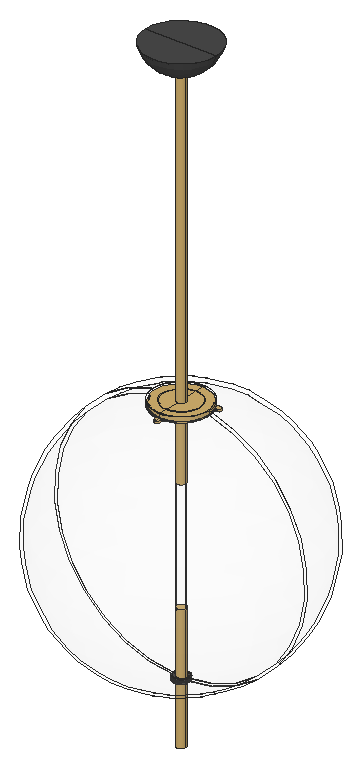
Revit family "CONV_Pholc_GnrlPrpseLmnrs_Kadinsky45", category Lighting Fixtures, host Ceiling, Revit 2017
Family settings
  Host = Ceiling
  Round Connector Dimension = Use Diameter
  Part Type = Normal
  OmniClass Number = 23.80.70.11
  OmniClass Title = Luminaries for Internal Lighting
  Always vertical = Yes
  Cut with Voids When Loaded = No
  Light Source = Yes
  Shared = No
  Room Calculation Point = No
Parameters (values of type "Kandinsky 45 smoked grey")
  Wattage = 3.36605 W
  WarrantyStartDate [instance] = "n/a"
  WarrantyGuarantorParts = "n/a"
  WarrantyGuarantorLabor = "n/a"
  WarrantyDurationUnit = "Year"
  WarrantyDurationParts = "n/a"
  WarrantyDurationLabor = "n/a"
  WarrantyDescription = "n/a"
  built-in parameter 1150110 = 1 (stored number, unit not read)
  VersionDate = "14/05/2019"  # constant formula
  Version = "1"  # constant formula
  UsageCurrent = 0 A
  Uniclass2015Reference = "Pr_70_70_48_86"
  Uniclass2015Description = "Suspended luminaires"
  Uniclass2 = "Pr_70_70_49_86"
  URL = "https://www.pholc.se/our-products/kandinsky-45/"
  TotalWattage = 6 W
  built-in parameter 1114217 = 1 (stored number, unit not read)
  built-in parameter 1150109 = 1 (stored number, unit not read)
  built-in parameter 1150134 = (empty or 0)
  TagNumber [instance] = "n/a"
  SustainabilityPerformance = "n/a"
  built-in parameter 1150113 = 1 (stored number, unit not read)
  Size = "450x450x1080 mm"
  Shape = "Sculptured"
  SerialNumber [instance] = "n/a"
  Revision = "n/a"
  ReplacementCost = "n/a"
  ProductInformation = "It functions well as a lamp or object to set the mood of a room, hanging in numbers in a large space or as a single piece over a table."
  ProductDatasheet = "https://www.pholc.se/files/pdf/kandinsky-45.pdf"
  PhaseReference = "n/a"
  PhaseAngle = 0.00°
  NumberOfSources = 0
  NumberOfPoles = 1
  NominalWidth = 450 mm
  NominalVoltageCalc = 0 V
  NominalVoltage = 0 V
  NominalRadius = NominalWidth / 2  # 225 mm
  NominalHeight [instance] = CableControl + 1070 mm  # 1120 mm
  NominalFrequencyRange = 0 Hz
  NominalDiameter = NominalWidth  # 450 mm
  NominalDepth = 450 mm
  NominalCurrent = 0 A
  Name = "GnrlPrpseLmnrs_Kadinsky45"
  NBSReference = "90-60-50/405"
  NBSDescription = "General purpose luminaires"
  ModelReference = ArticleNumber  # "518119"
  ModelNumber = "n/a"
  Model = "Kandinsky 45 smoked grey"
  Material = "Brass, glass & textile"
  ManufacturersSpecificInformation = "n/a"
  ManufacturerURL = "https://www.pholc.se/"
  ManufacturerName = "Pholc"
  Manufacturer = "Pholc"
  MaintenanceFactor = 0
  Lumens = 500 lm
  built-in parameter 1150115 = 1 (stored number, unit not read)
  built-in parameter 1150105 = 39.789 (stored number, unit not read)
  LightSource = "Exchangeble lightsource – LED, W: 6 LM: 500 K:2700 CRI: 80 dimmable"
  LightFixtureSecondaryMaterial = Black
  LightFixturePlacingType = "Ceiling"
  LightFixtureMountingType = "Suspended"
  LightFixtureMainMaterial = Brass
  Light Source Symbol Size = 609.6 mm
  built-in parameter 1150137 = (empty or 0)
  built-in parameter 1150139 = (empty or 0)
  LensMaterial = Glass smoked grey
  built-in parameter 1150112 = 1 (stored number, unit not read)
  built-in parameter 1150114 = 1 (stored number, unit not read)
  InsulationStandardClass = "Class II"
  InstallationDate [instance] = "n/a"
  built-in parameter 1150132 = 2
  built-in parameter 1150102 = (empty or 0)
  built-in parameter 1150138 = (empty or 0)
  built-in parameter 1150107 = 2700 (stored number, unit not read)
  built-in parameter 1150106 = 0.39789 (stored number, unit not read)
  IfcExportType = "NOTDEFINED"  # constant formula
  IfcExportAs = "IfcLightFixtureType"  # constant formula
  IP_Code = "IP 20"
  HasProtectiveEarth = no
  Grade = "n/a"
  Finish = "n/a"
  Features = "Suspension mounting. Textile cable: black. Ceiling cup: black"
  ExpectedLife = "n/a"
  ElectricalDeviceNominalPower = 0
  built-in parameter 1150104 = 13.8 (stored number, unit not read)
  DurationUnit = "Year"
  Dimming Lamp Color Temperature Shift = <None>
  Designer = "Broberg & Ridderstrale"
  Description = "This pendant lamp is inspired by the abstract circle paintings by Wassily Kandinsky during his years at the renowned Bauhaus school  in the 1920´s. A sphere and a spear act as the main characters in the lamps composition, piercing each other in mid air to create an object that evokes a sensation of weightlessness, fragility and precision.\r\nThe custom made light source is shaped and fitted seamlessly as a part of the brass spear and emits a glowing dimmable light from within the centre in the smoke colored glass.\r\nThe Kandinsky lamp comes in two sizes with a 300 or 450mm wide glass bubble. It functions well as a lamp or object to set the mood of a room, hanging in numbers in a big space or as a single piece over a table."
  DefaultElevation = 0 mm
  ConvergoRefNr = "0103-1905-0002-SE"
  Constituents = "n/a"
  Color Filter = 16777215
  Color = "Various"
  Collection = "Kandinsky"
  CodePerformance = "n/a"
  Category = "Pendant"
  CableLength [instance] = 50 mm
  CableControl [instance] = if(CableLength < 50 mm, 50 mm, if(CableLength > 3000 mm, 3000 mm, CableLength))  # 50 mm
  Brand = "Pholc"
  Barcode [instance] = "n/a"
  built-in parameter 1114218 = 1 (stored number, unit not read)
  BIMObjectName = "CONV_Pholc_GnrlPrpseLmnrs_Kadinsky45"
  Author = "Convergo AB"  # constant formula
  built-in parameter 1150133 = 10 (stored number, unit not read)
  AssetType = "Fixed"
  AssetIdentifier [instance] = "n/a"
  ArticleNumber = "518119"
  AccessibilityPerformance = "n/a"
Types (2, lengths in mm): name | ModelReference | Model | LensMaterial | ArticleNumber
  Kandinsky 45 smoked grey | "518119" | "Kandinsky 45 smoked grey" | Glass smoked grey | "518119"
  Kandinsky 45 smoked brown | "518112" | "Kandinsky 45 smoked brown" | Glass smoked brown | "518112"
Reference planes
  plane 1 "Light Source Axis (F/B)": y = 0
  plane 2: z = 0
  plane 3 "Light Source Axis (L/R)": x = 0
  plane 4 "Ceiling": z = 4000
  plane 5 "Light Source Elevation": z = 3200
  plane 6: z = 3950
  plane 7: z = 2880
  plane 8: x = -225
  plane 9: x = 225
  plane 10: y = -225
  plane 11: y = 225
Forms (mm)
  Revolve 1, solid, material "Black" <- "LightFixtureSecondaryMaterial", detail levels medium+fine
    sketch origin (0, 0, 0) x (1, 0, 0) y (0, 0, 1)
      loop
        line (0, 4000) -> (0, 3953.153)
        arc (0, 3953.153) -> (39.019, 3966.168) -> (62.414, 4000) r 65
        line (62.414, 4000) -> (0, 4000)
      axis (0, 4000) -> (0, 3953.153)
    angle from 0 to 360
  Extrusion 2, solid, material "Brass" <- "LightFixtureMainMaterial", detail levels coarse
    sketch origin (0, 0, 3200) x (-1, 0, 0) y (0, -1, 0)
      loop
        line (225, -225) -> (225, 225) -> (-225, 225) -> (-225, -225) -> (225, -225)
    from -320 to 800
  Revolve 3, solid, material "Black" <- "LightFixtureSecondaryMaterial", detail levels medium+fine
    sketch origin (0, 0, 0) x (1, 0, 0) y (0, 0, 1)
      loop
        line (0, 3950) -> (3, 3950) -> (3, 4000) -> (0, 4000) -> (0, 3950)
      axis (0, 4000) -> (0, 3950)
    angle from 0 to 360
Cuts and joins
  joined: Revolve 1, Revolve 3
Lines and regions (mm)
  symbolic lines, detail levels medium+fine
    curve 1: arc (62.414, 0, 4000) -> (40.209, 0, 3967.082) -> (3, 0, 3953.223) r 65
    curve 2: line (3, 0, 3950) -> (3, 0, 3953.223)
    curve 3: line (-3, 0, 3950) -> (-3, 0, 3953.223)
    curve 5: arc (-3, 0, 3953.223) -> (-40.209, 0, 3967.082) -> (-62.414, 0, 4000) r 65
    curve 6: line (62.414, 0, 4000) -> (-62.414, 0, 4000)
    curve 7: line (0, 62.414, 4000) -> (0, -62.414, 4000)
    curve 8: arc (0, 62.414, 4000) -> (0, 40.209, 3967.082) -> (0, 3, 3953.223) r 65
    curve 9: line (0, 3, 3953.223) -> (0, 3, 3950)
    curve 10: line (0, -3, 3953.223) -> (0, -3, 3950)
    curve 12: arc (0, -3, 3953.223) -> (0, -40.209, 3967.082) -> (0, -62.414, 4000) r 65
  symbolic lines, detail levels fine
    curve 4: arc (3, 0, 3953.223) -> (0, 0, 3953.153) -> (-3, 0, 3953.223) r 65
    curve 11: arc (0, 3, 3953.223) -> (0, 0, 3953.153) -> (0, -3, 3953.223) r 65
Dimensions and locks
  equal spacing: host sketch curve, plane 3 "Light Source Axis (L/R)", host sketch curve
  equal spacing: host sketch curve, plane 1 "Light Source Axis (F/B)", host sketch curve
  host sketch curve to host sketch curve = 4000 mm  (x2)
  locked: plane 4 "Ceiling" to host ceiling at 0
  "NominalHeight": plane 7 to plane 4 "Ceiling"
  equal spacing: plane 8, plane 3 "Light Source Axis (L/R)", plane 9
  "NominalWidth": plane 8 to plane 9
  equal spacing: plane 10, plane 1 "Light Source Axis (F/B)", plane 11
  "NominalDepth": plane 10 to plane 11
  locked: plane 7 to plane 5 "Light Source Elevation" at 320
  "CableControl": plane 6 to plane 4 "Ceiling"
  aligned and locked: plane 3 "Light Source Axis (L/R)" to imposter light
  aligned and locked: plane 1 "Light Source Axis (F/B)" to imposter light
  aligned and locked: plane 5 "Light Source Elevation" to imposter light
  aligned and locked: plane 6 to curve 2
  aligned and locked: plane 6 to curve 3
  aligned and locked: plane 6 to curve 10
  aligned and locked: plane 6 to curve 9
  aligned and locked: Extrusion 2 to plane 4 "Ceiling"
  aligned and locked: plane 7 to Extrusion 2
  aligned and locked: Revolve 1 to plane 4 "Ceiling"
  aligned and locked: plane 6 to Revolve 3 sketch curve
  aligned and locked: Revolve 1 to Revolve 3 sketch curve
  aligned and locked: nested 1 to plane 7
Automatic sketch dimensions
  Revolve 1 sketch curve to plane 3 "Light Source Axis (L/R)" = 0 mm  (x2)
  Revolve 1 sketch curve to plane 4 "Ceiling" = 0 mm
  Revolve 1 sketch curve to Revolve 1 sketch curve = 62.414 mm
  plane 4 "Ceiling" to Revolve 1 sketch curve = 46.847 mm
  Revolve 1 sketch curve to Revolve 1 sketch curve = 5.181 mm
  Revolve 1 sketch curve to Revolve 1 sketch curve = 2.973 mm
  curve 1 to curve 4 = 0 mm  (x2)
  curve 1 to curve 5 = 0 mm  (x2)
  curve 4 to curve 5 = 0 mm  (x2)
  curve 5 to plane 4 "Ceiling" = 0 mm
  curve 5 to plane 3 "Light Source Axis (L/R)" = 0 mm
  curve 3 to plane 3 "Light Source Axis (L/R)" = 3 mm
  curve 6 to plane 3 "Light Source Axis (L/R)" = 62.414 mm
  plane 3 "Light Source Axis (L/R)" to curve 2 = 3 mm
  plane 4 "Ceiling" to curve 2 = 46.777 mm
  plane 4 "Ceiling" to curve 10 = 46.777 mm
  curve 8 to plane 1 "Light Source Axis (F/B)" = 0 mm
  curve 8 to plane 4 "Ceiling" = 18.153 mm
  plane 1 "Light Source Axis (F/B)" to curve 10 = 3 mm
  plane 4 "Ceiling" to curve 12 = 0 mm
  curve 10 to curve 9 = 0 mm
  curve 8 to curve 11 = 0 mm  (x2)
  curve 8 to curve 12 = 0 mm  (x2)
  Extrusion 2 sketch curve to plane 9 = 0 mm
  Extrusion 2 sketch curve to plane 8 = 0 mm
  plane 11 to Extrusion 2 sketch curve = 0 mm
  Extrusion 2 sketch curve to plane 10 = 0 mm
  Revolve 3 sketch curve to plane 3 "Light Source Axis (L/R)" = 0 mm  (x2)
  Revolve 3 sketch curve to plane 6 = 0 mm
  Revolve 3 sketch curve to Revolve 3 sketch curve = 3 mm
  Revolve 3 sketch curve to plane 6 = 10 mm
Nested families
  nested 1: "Kandinsky45" at (0, 0, 2880), Glass <- "LensMaterial", Metal <- "LightFixtureMainMaterial", Rubber <- "LightFixtureSecondaryMaterial", type "Kandinsky45"
    with Rubber Black, Metal Brass, Glass Glass smoked grey
Connectors
  electrical at (0, 0, 4000)
    settings: on cut or joined group of Revolve 1, Revolve 3, index 1, voltage 0 V, apparent load 0 VA, apparent load phase1 0 VA, apparent load phase2 0 VA, apparent load phase3 0 VA, power factor 1, load classification "Other", number of poles 1, system type 31, power factor state 1, is connector primary yes, connector utility no, sub classification motor no, connector description ""
Definition of nested family "Kandinsky45"
  Parameters (values of type "Kandinsky45")
    Rubber [instance] = none
    Metal [instance] = none
    Glass [instance] = none
  Reference planes
    plane 1 "Center (Front/Back)": y = 0
    plane 2: z = 0
    plane 3 "Center (Left/Right)": x = 0
    plane 4: z = 1070
    plane 5: x = -225
    plane 6: x = 225
    plane 7: y = 225
    plane 8: y = -225
    plane 9: z = 320
  Forms (mm)
    Revolve 1, solid, material <- "Glass", detail levels medium+fine
      sketch origin (0, 0, 0) x (1, 0, 0) y (0, 0, 1)
        loop
          arc (9.998, 106.772) -> (224.092, 311.392) -> (50, 550.971) r 225.027
          line (50, 550.971) -> (50, 542.839)
          arc (50, 542.839) -> (218.856, 309.374) -> (9.998, 110.889) r 218.855
          line (9.998, 110.889) -> (9.998, 106.772)
        axis (0, 550.971) -> (0, 106.772)
      angle from 0 to 360
    Revolve 2, solid, material <- "Rubber", detail levels medium+fine
      sketch origin (0, 0, 35.103) x (1, 0, 0) y (0, 0, 1)
        loop
          arc (-13.299, 77.275) -> (-13.794, 77.07) -> (-13.999, 76.575) r 0.7
          line (-13.999, 76.575) -> (-13.999, 75.775) -> (-9.998, 75.775) -> (-9.998, 71.774) -> (-13.999, 71.774) -> (-13.999, 70.943)
          arc (-13.999, 70.943) -> (-13.803, 70.47) -> (-13.33, 70.275) r 0.669
          line (-13.33, 70.275) -> (0, 70.275) -> (0, 77.275) -> (-13.299, 77.275)
        axis (0, 77.275) -> (0, 70.275)
      angle from 0 to 360
    Revolve 3, solid, material <- "Metal", detail levels medium+fine
      sketch origin (0, 0, 185) x (0, 1, 0) y (0, 0, 1)
        loop
          line (0, 350) -> (0, 365) -> (-32.481, 365) -> (-32.481, 363) -> (-45.526, 363) -> (-45.526, 355.981) -> (-8, 350) -> (0, 350)
        axis (0, 365) -> (0, 350)
      angle from 0 to 360
    Revolve 4, solid, material <- "Metal", detail levels medium+fine
      sketch origin (0, 0, 185) x (0, 1, 0) y (0, 0, 1)
        loop
          line (-46.001, 356) -> (-46.001, 363) -> (-32.998, 363) -> (-32.998, 365) -> (-47.474, 365) -> (-47.474, 358.01) -> (-57.004, 355.72) -> (-57.004, 353.723) -> (-47.527, 356) -> (-46.001, 356)
        axis (0, 365) -> (0, 353.723)
      angle from 0 to 360
    Extrusion 5, void
      sketch origin (0, 0, 0) x (1, 0, 0) y (0, 1, 0)
        loop
          line (-5, -49.405) -> (-5, -52.004)
          arc (-5, -52.004) -> (0, -57.004) -> (5, -52.004) r 5
          line (5, -52.004) -> (5, -49.405)
          arc (5, -49.405) -> (5.413, -48.188) -> (6.481, -47.474) r 2
          arc (6.481, -47.474) -> (41.65, -23.801) -> (44.29, 18.511) r 47.938
          arc (44.29, 18.511) -> (44.522, 19.584) -> (45.286, 20.372) r 2
          line (45.286, 20.372) -> (47.537, 21.672)
          arc (47.537, 21.672) -> (49.367, 28.502) -> (42.537, 30.332) r 5
          line (42.537, 30.332) -> (40.286, 29.033)
          arc (40.286, 29.033) -> (39.221, 28.766) -> (38.176, 29.101) r 2
          arc (38.176, 29.101) -> (0.213, 47.971) -> (-37.873, 29.349) r 47.938
          arc (-37.873, 29.349) -> (-39.026, 28.782) -> (-40.286, 29.033) r 2
          line (-40.286, 29.033) -> (-42.537, 30.332)
          arc (-42.537, 30.332) -> (-49.367, 28.502) -> (-47.537, 21.672) r 5
          line (-47.537, 21.672) -> (-45.286, 20.372)
          arc (-45.286, 20.372) -> (-44.396, 19.293) -> (-44.43, 17.895) r 2
          arc (-44.43, 17.895) -> (-41.46, -23.937) -> (-6.717, -47.425) r 47.938
          arc (-6.717, -47.425) -> (-5.489, -48.094) -> (-5, -49.405) r 2
        loop
          circle (0.056, 0.032) r 62.542
      from 323.894 to 610.594
    Extrusion 6, solid, material <- "Metal", detail levels medium+fine
      sketch origin (0, 0, 0) x (1, 0, 0) y (0, 1, 0)
        loop
          circle (0, 0) r 8
      from 0 to 220
    Extrusion 7, solid, material <- "Metal", detail levels medium+fine
      sketch origin (0, 0, 0) x (1, 0, 0) y (0, 1, 0)
        loop
          circle (0, 0) r 8
      from 420 to 1070
    Extrusion 8, solid, material <- "Glass", detail levels medium+fine
      sketch origin (0, 0, -150) x (1, 0, 0) y (0, 1, 0)
        loop
          circle (0, 0) r 8
      from 370 to 570
  Cuts and joins
    Extrusion 5 cuts Revolve 4
    joined: Revolve 3, Extrusion 6, Extrusion 7
    joined: Revolve 1, Extrusion 8
  Lines and regions (mm)
    symbolic lines, detail levels medium+fine
      curve 1: line (0, 0, 0) -> (-8, 0, 0)
      curve 2: line (-8, 0, 0) -> (-8, 0, 105.377)
      curve 3: line (-13.325, 0, 105.377) -> (-8, 0, 105.377)
      curve 4: line (-13.999, 0, 106.877) -> (-13.999, 0, 106.052)
      curve 5: arc (-13.999, 0, 106.052) -> (-13.801, 0, 105.575) -> (-13.325, 0, 105.377) r 0.674
      curve 6: line (-13.999, 0, 106.877) -> (-11.999, 0, 106.877)
      curve 7: line (-50, 0, 550.971) -> (-8, 0, 550.971)
      curve 8: line (-8, 0, 550.971) -> (-8, 0, 1070)
      curve 9: line (-8, 0, 1070) -> (-3, 0, 1070)
      curve 10: line (0, 0, 0) -> (8, 0, 0)
      curve 11: line (8, 0, 0) -> (8, 0, 105.377)
      curve 12: line (13.325, 0, 105.377) -> (8, 0, 105.377)
      curve 13: line (50, 0, 550.971) -> (8, 0, 550.971)
      curve 14: line (8, 0, 550.971) -> (8, 0, 1070)
      curve 15: line (8, 0, 1070) -> (3, 0, 1070)
      curve 16: line (13.999, 0, 106.877) -> (13.999, 0, 106.052)
      curve 17: arc (13.999, 0, 106.052) -> (13.801, 0, 105.575) -> (13.325, 0, 105.377) r 0.674
      curve 21: line (0, 0, 0) -> (0, 8, 0)
      curve 22: line (0, 8, 0) -> (0, 8, 105.377)
      curve 23: line (0, 8, 105.377) -> (0, 13.299, 105.377)
      curve 24: line (0, 13.999, 106.877) -> (0, 13.999, 106.077)
      curve 25: arc (0, 13.999, 106.077) -> (0, 13.794, 105.582) -> (0, 13.299, 105.377) r 0.7
      curve 26: line (0, 13.999, 106.877) -> (0, 11.999, 106.877)
      curve 28: line (0, 8, 550.971) -> (0, 50, 550.971)
      curve 29: line (0, 8, 550.971) -> (0, 8, 1070)
      curve 30: line (0, 8, 1070) -> (0, 3, 1070)
      curve 32: line (0, 0, 0) -> (0, -8, 0)
      curve 33: line (0, -8, 0) -> (0, -8, 105.377)
      curve 34: line (0, -8, 105.377) -> (0, -13.299, 105.377)
      curve 35: line (0, -13.999, 106.877) -> (0, -13.999, 106.077)
      curve 36: arc (0, -13.999, 106.077) -> (0, -13.794, 105.582) -> (0, -13.299, 105.377) r 0.7
      curve 37: line (0, -13.999, 106.877) -> (0, -11.999, 106.877)
      curve 39: line (0, -8, 550.971) -> (0, -50, 550.971)
      curve 40: line (0, -8, 550.971) -> (0, -8, 1070)
      curve 41: line (0, -8, 1070) -> (0, -3, 1070)
      curve 44: circle (0, 0, 0) r 225 normal (0, 0, 1)
      curve 47: arc (-11.999, 0, 106.877) -> (-224.222, 0, 312.39) -> (-50, 0, 550.971) r 225.016
      curve 48: arc (11.999, 0, 106.877) -> (224.222, 0, 312.39) -> (50, 0, 550.971) r 225.016
      curve 49: line (13.999, 0, 106.877) -> (11.999, 0, 106.877)
      curve 50: arc (0, 11.999, 106.877) -> (0, 224.365, 312.377) -> (0, 50, 550.971) r 224.993
      curve 51: arc (0, -11.999, 106.877) -> (0, -224.365, 312.377) -> (0, -50, 550.971) r 224.993
    symbolic lines, detail levels fine
      curve 18: line (-8, 0, 550.971) -> (8, 0, 550.971)
      curve 19: line (-11.999, 0, 106.877) -> (11.999, 0, 106.877)
      curve 20: line (-8, 0, 105.377) -> (8, 0, 105.377)
      curve 27: line (0, 0, 550.971) -> (0, 8, 550.971)
      curve 31: line (0, 11.999, 106.877) -> (0, 0, 106.877)
      curve 38: line (0, 0, 550.971) -> (0, -8, 550.971)
      curve 42: line (0, -11.999, 106.877) -> (0, 0, 106.877)
      curve 43: line (0, 3, 1070) -> (0, -3, 1070)
      curve 45: circle (0, 0, 0) r 62.538 normal (0, 0, 1)
      curve 46: line (-3, 0, 1070) -> (3, 0, 1070)
      curve 52: line (0, 8, 105.377) -> (0, -8, 105.377)
  Dimensions and locks
    aligned and locked: level to plane 2
